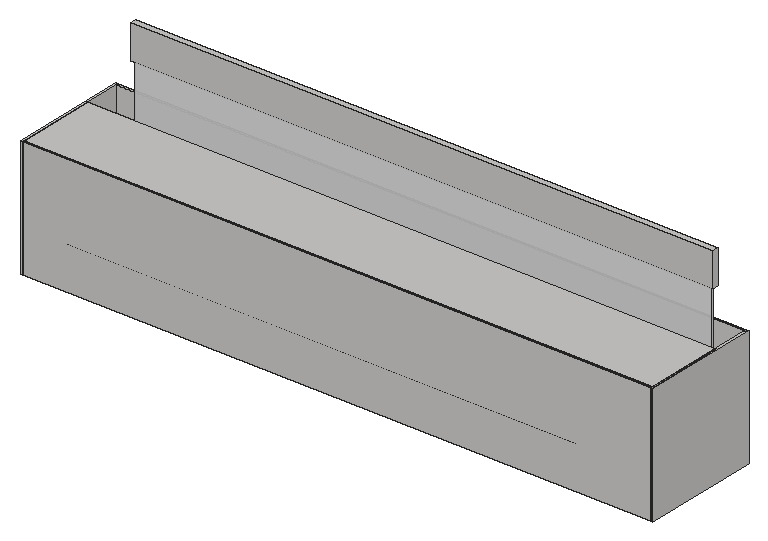
Revit family "Roller_Shades-Lutron-Pocket_Recessed-Roller_64", category Specialty Equipment, host Face, Revit 2017
Family settings
  Host = Face
  Round Connector Dimension = Use Diameter
  Part Type = Normal
  OmniClass Number = 23.30.60.14.21
  OmniClass Title = Shades
  Cut with Voids When Loaded = No
  Shared = No
  Room Calculation Point = No
Parameters (values of type "Roller 64 - Pocket Mount")
  Warranty URL = "http://www.lutron.com/en-US/Service-Support/Pages/Service/Warranty/Warranty.aspx"
  Video Link = "https://www.youtube.com/user/LutronElectronicsInc"
  Version = "2017 - v1.0b"  # constant formula
  URL = "http://www.lutron.com"
  Type Comments = ""
  Support Phone = "(224) 699-9545"  # constant formula
  Support Email = "mailto: support@anguleris.com"
  Shade Width [instance] = 1' - 6"
  Shade Size Available [instance] = if(Actual Shade Height < Shade Height, "No, height exceeds 5:1 ratio limit, use larger roller", if(Shade Area < Maximum Shade Area, "Yes", "Shade Size Unavailable"))  # "Yes"
  Shade Material = Fabric - Lutron - Linen - White
  Shade Height [instance] = 0' - 5 1/2"
  Shade Area [instance] = Shade Width * Actual Shade Height  # 0.6875 SF
  Series = "Sivoia QS"
  Right Drive [instance] = no
  Product Page URL = "http://www.lutron.com/en-US/Products/Pages/ShadingSystems/SivoiaQS/WindowTreatments/RollerShades/RollerShades.aspx"
  Product Name = "Roller 64 - Motorized Roller Shade - Pocket Mount"
  Product Documentation Link = "http://www.lutron.com/TechnicalDocumentLibrary/086102%20a.pdf"
  Performance URL = "http://www.lutron.com/en-US/Service-Support/Pages/Technical/PerfomanceSpecs.aspx"
  Overall Width [instance] = if(Shade Width < 1' 6 1/2", 1' 6 1/2", if(Shade Width > 8' 0", 8' 0", Shade Width))  # 1' - 6 1/2"
  Overall Height [instance] = if([3D Shade Visibility], Shade Height, 0' 5 1/2")  # 0' - 5 1/2"
  Overall Depth = 0' - 3 1/2"
  Mounting = "Pocket"
  Model = "Roller 64"
  Maximum Shade Area = 64.00 SF  # constant formula
  Manufacturer Phone Number = "610-282-3800"  # constant formula
  Manufacturer Fax Number = "610-282-1243"  # constant formula
  Manufacturer Email = "mailto:support@lutron.com"
  Manufacturer Address = "7200 Suter Rd, Coopersburg, PA 18036"  # constant formula
  Manufacturer = "Lutron Electronics Co., Inc"  # constant formula
  Lineal Requirements [instance] = ""
  Left Drive [instance] = no
  Keynote = ""
  Instruction Sheet Link = "http://www.lutron.com/TechnicalDocumentLibrary/045-183%20R64%20Pocket%20Chassis%2011X17%2004_02.pdf"
  Host Void Visibility [instance] = yes
  Host Void Depth [instance] = if(Host Void Visibility, 0' 3 1/2", 0' 3")  # 0' - 3 1/2"
  Fabric Roll Detail = "Standard"
  Fabric Options [instance] = ""
  Fabric Collection [instance] = ""
  Description = "Motorized Roller Shade"
  Default Elevation = 0' - 0"
  Cost Info = "mailto:sales@lutron.com"
  Cost = 0
  Copyright = "© 2019 Lutron Electronics Co., Inc."  # constant formula
  Control Technology [instance] = ""
  Bottom Bar [instance] = ""
  Assembly Code = "E2010320"
  Actual Shade Height [instance] = if(Shade Height > Shade Width * 5, Shade Width * 5, Shade Height)  # 0' - 5 1/2"
  3D Shade Visibility [instance] = no
Reference planes (in)
  plane 1 "Center (Front/Back)": y = 0
  plane 2: z = 0
  plane 3 "Center (Left/Right)": x = 0
  plane 4: z = -3.5
  plane 5: z = 2
  plane 6: z = 1
  plane 7: z = -1.6735
  plane 8: y = -1.75
  plane 9: y = 1.75
  plane 10: x = -8.5
  plane 11: x = -9.25
  plane 12: x = 8.5
  plane 13: x = 9.25
  plane 14: z = 0
Forms (in)
  Extrusion 1, solid, material "Fabric - Lutron - Linen - White" <- "Shade Material"
    sketch origin (0, 0, -3.4375) x (0, 1, 0) y (0, 0, 1)
      loop
        circle (0, 1.764) r 1.5
    from -8.5 to 8.5
  Extrusion 2, solid, material "Metal - Lutron"
    sketch origin (0, -1.764, -1.6735) x (0, 0, -1) y (0, -1, 0)
      loop
        arc (-0.91904, -2.61127) -> (0, -3.014) -> (0.91904, -2.61127) r 1.25
        line (0.91904, -2.61127) -> (0.91904, -0.91673)
        arc (0.91904, -0.91673) -> (0, -0.514) -> (-0.91904, -0.91673) r 1.25
        line (-0.91904, -0.91673) -> (-0.91904, -2.61127)
    from 8.5 to 8.75
  Extrusion 3, solid, material "Metal - Lutron"
    sketch origin (0, 0, -3.4375) x (0, 1, 0) y (0, 0, 1)
      loop
        line (0.84727, 2.68304) -> (-0.84727, 2.68304)
        arc (-0.84727, 2.68304) -> (-1.25, 1.764) -> (-0.84727, 0.84496) r 1.25
        line (-0.84727, 0.84496) -> (0.84727, 0.84496)
        arc (0.84727, 0.84496) -> (1.25, 1.764) -> (0.84727, 2.68304) r 1.25
    from 8.5 to 8.75
  Extrusion 4, solid, material "Metal - Lutron", detail levels medium+fine
    sketch origin (0, 0, -3.4375) x (1, 0, 0) y (0, 1, 0)
      loop
        line (9.25, 0.975) -> (8.25, 0.975) -> (8.25, -0.975) -> (9.25, -0.975) -> (9.25, 0.975)
      loop
        line (-9.25, 0.975) -> (-9.25, -0.975) -> (-8.25, -0.975) -> (-8.25, 0.975) -> (-9.25, 0.975)
    from 0 to 0.06
  Extrusion 5, solid, material "Metal - Lutron", detail levels medium+fine
    sketch origin (9.25, 60, 44.5625) x (0, 1, 0) y (0, 0, -1)
      loop
        line (-60.975, 48) -> (-60.975, 47.15504)
        arc (-60.975, 47.15504) -> (-60.81624, 46.49803) -> (-60.375, 45.986) r 1.43887
        line (-60.375, 45.986) -> (-60.375, 45.83594) -> (-59.625, 45.83594) -> (-59.625, 45.986)
        arc (-59.625, 45.986) -> (-59.18376, 46.49803) -> (-59.025, 47.15504) r 1.43887
        line (-59.025, 47.15504) -> (-59.025, 48) -> (-60.975, 48)
    from 0 to 0.05859
  Extrusion 6, solid, material "Metal - Lutron", detail levels medium+fine
    sketch origin (-9.25, 60, 44.5625) x (0, 1, 0) y (0, 0, 1)
      loop
        line (-60.975, -48) -> (-59.025, -48) -> (-59.025, -47.15504)
        arc (-59.025, -47.15504) -> (-59.18376, -46.49803) -> (-59.625, -45.986) r 1.43887
        line (-59.625, -45.986) -> (-59.625, -45.83594) -> (-60.375, -45.83594) -> (-60.375, -45.986)
        arc (-60.375, -45.986) -> (-60.81624, -46.49803) -> (-60.975, -47.15504) r 1.43887
        line (-60.975, -47.15504) -> (-60.975, -48)
    from 0 to 0.05859
  Extrusion 7, solid, material "Metal - Lutron", detail levels medium+fine
    sketch origin (0, 0, -3.4375) x (0, 1, 0) y (0, 0, 1)
      loop
        line (-0.5, 2.264) -> (-0.5, 1.264) -> (0.5, 1.264) -> (0.5, 2.264) -> (-0.5, 2.264)
    from 8.75 to 9.19141
  Extrusion 8, solid, material "Metal - Lutron", detail levels medium+fine
    sketch origin (0, 0, -3.4375) x (0, 1, 0) y (0, 0, -1)
      loop
        line (-0.5, -2.264) -> (0.5, -2.264) -> (0.5, -1.264) -> (-0.5, -1.264) -> (-0.5, -2.264)
    from 8.75 to 9.19141
  Extrusion 9, solid, material "Fabric - Lutron - Linen - White" <- "Shade Material"
    sketch origin (0, 1.4375, -1.6735) x (1, 0, 0) y (0, 0, -1)
      loop
        line (-8.5, 0) -> (-8.5, -2.6735) -> (8.5, -2.6735) -> (8.5, 0) -> (-8.5, 0)
    from 0 to 0.0625
  Extrusion 10, solid, material "Metal - Lutron", detail levels medium+fine
    sketch origin (0, -1.764, -1.6735) x (0, 0, -1) y (0, 1, 0)
      loop
        line (-2.6735, 3.3265) -> (-3.6735, 3.3265) -> (-3.6735, 3.139) -> (-2.6735, 3.139) -> (-2.6735, 3.3265)
    from -8.5625 to 8.5625
  Extrusion 11, solid, material "Metal - Lutron"
    sketch origin (0, 0, 0) x (0, 1, 0) y (0, 0, 1)
      loop
        line (1.75, -3.5) -> (1.75, 0) -> (1.6875, 0) -> (1.6875, -3.4375) -> (-1.6875, -3.4375) -> (-1.6875, 0) -> (-1.75, 0) -> (-1.75, -3.5) -> (1.75, -3.5)
    from -9.25 to 9.25
  Extrusion 12, solid, material "Metal - Lutron"
    sketch origin (0, 0, 0) x (1, 0, 0) y (0, 1, 0)
      loop
        line (9.25, -1.75) -> (9.3125, -1.75) -> (9.3125, 1.75) -> (9.25, 1.75) -> (9.25, -1.75)
      loop
        line (-9.25, -1.75) -> (-9.25, 1.75) -> (-9.3125, 1.75) -> (-9.3125, -1.75) -> (-9.25, -1.75)
    from -3.5 to 0
  Extrusion 13, solid, material "Metal - Lutron"
    sketch origin (0, 0, 0) x (0, 1, 0) y (0, 0, 1)
      loop
        line (-1.6875, 0) -> (-1.6875, -0.0625) -> (0.625, -0.0625) -> (0.625, 0) -> (-1.6875, 0)
    from -9.25 to 9.25
  Extrusion 14, void
    sketch origin (0, 0, 0) x (0, 1, 0) y (0, 0, 1)
      loop
        line (-1.75, 0) -> (-1.75, -3.5) -> (1.75, -3.5) -> (1.75, 0) -> (-1.75, 0)
    from -9.25 to 9.25
Cuts and joins
  joined: Extrusion 1, Extrusion 9
Lines and regions (in)
  Masking region 1
    outline origin (0, 0, 0) x (1, 0, 0) y (0, 1, 0)
      loop
        line (-9.25, 1.75) -> (-9.25, -1.75) -> (9.25, -1.75) -> (9.25, 1.75) -> (-9.25, 1.75)
  symbolic lines
    curve 1: line (-8.5, 1, 0) -> (8.5, 1, 0)
Dimensions and locks (in)
  Extrusion 4 sketch curve to plane 1 "Center (Front/Back)" to Extrusion 4 sketch curve = 0' - 0.975" locked, 0' - 0.975" locked  (x2)
  Extrusion 5 sketch curve to Extrusion 5 sketch curve to plane 1 "Center (Front/Back)" = 0' - 0.6" locked, 0' - 0 3/8" locked
  Extrusion 5 sketch curve to Extrusion 5 sketch curve to plane 4 = 0' - 1.3191" locked, 0' - 0.90746" locked
  locked: Extrusion 5 sketch curve to plane 4 at 0.90746
  Extrusion 6 sketch curve to Extrusion 6 sketch curve to plane 1 "Center (Front/Back)" = 0' - 0.6" locked, 0' - 0 3/8" locked
  Extrusion 6 sketch curve to Extrusion 6 sketch curve to plane 4 = 0' - 1.3191" locked, 0' - 0.90746" locked
  locked: Extrusion 6 sketch curve to plane 4 at 0.90746
  locked: Extrusion 8 sketch curve to plane 1 "Center (Front/Back)" at 0.5
  locked: plane 7 to Extrusion 8 sketch curve at 0.5
  locked: plane 7 to Extrusion 2 sketch curve at 0.91904
  locked: Extrusion 2 sketch curve to plane 1 "Center (Front/Back)" at 0.84727  (x2)
  locked: Extrusion 7 sketch curve to plane 1 "Center (Front/Back)" at 0.5
  locked: plane 7 to Extrusion 7 sketch curve at 0.5
  locked: Extrusion 3 sketch curve to plane 1 "Center (Front/Back)" at 0.84727  (x2)
  locked: Extrusion 3 sketch curve to plane 7 at 0.91904
  equal spacing: plane 11, plane 3 "Center (Left/Right)", plane 13
  "Overall Width": plane 11 to plane 13
  locked: plane 11 to plane 10 at 0.75
  locked: plane 12 to plane 13 at 0.75
  equal spacing: plane 8, plane 1 "Center (Front/Back)", plane 9
  "Overall Depth": plane 9 to plane 8
  locked: plane 13 to Extrusion 12 sketch curve at 0.0625
  locked: Extrusion 12 sketch curve to plane 11 at 0.0625
  locked: Extrusion 11 sketch curve to plane 9 at 0.0625
  locked: plane 8 to Extrusion 11 sketch curve at 0.0625
  locked: Extrusion 11 sketch curve to plane 4 at 0.0625
  plane 8 to Extrusion 13 sketch curve to Extrusion 13 sketch curve = 0' - 0 1/16" locked, 0' - 2 5/16" locked
  locked: plane 2 to Extrusion 13 sketch curve at 0.0625
  locked: Extrusion 2 to plane 10 at 0.25
  locked: plane 11 to Extrusion 2 at 0.5
  locked: Extrusion 3 to plane 12 at 0.25
  locked: plane 13 to Extrusion 3 at 0.5
  locked: Extrusion 10 to plane 10 at 0.0625
  locked: plane 11 to Extrusion 10 at 0.6875
  locked: Extrusion 10 to plane 12 at 0.0625
  locked: plane 13 to Extrusion 10 at 0.6875
  locked: Extrusion 9 to plane 9 at 0.25
  locked: plane 1 "Center (Front/Back)" to Extrusion 9 at 1.4375
  locked: Extrusion 9 to Extrusion 9 at 0.0625
  locked: plane 1 "Center (Front/Back)" to Extrusion 1 sketch curve at 0
  locked: plane 7 to Extrusion 1 sketch curve at 0
  Extrusion 10 sketch curve to Extrusion 10 sketch curve to plane 9 = 0' - 0 3/16" locked, 0' - 0 3/16" locked
  locked: Extrusion 4 to plane 4 at 0.1225
  locked: plane 7 to Extrusion 4 at 1.704
  locked: Extrusion 4 sketch curve to plane 12 at 0.25
  locked: plane 10 to Extrusion 4 sketch curve at 0.25
  locked: plane 2 to plane 4 at 3.5
  "Overall Height": plane 5 to plane 4
  locked: plane 5 to plane 6 at 1
  locked: plane 7 to plane 4 at 1.8265
  Masking region 1 sketch curve to plane 1 "Center (Front/Back)" to Masking region 1 sketch curve = 0' - 1 3/4" locked, 0' - 1 3/4" locked
  locked: plane 11 to Extrusion 6 at 0.05859
  locked: Extrusion 6 to plane 10 at 0.69141
  locked: Extrusion 5 to plane 13 at 0.05859
  locked: plane 12 to Extrusion 5 at 0.69141
  "Host Void Depth": plane 14 to plane 4
  locked: plane 1 "Center (Front/Back)" to curve 1 at 1
  plane 10 to curve 1 = 0' - 0"
  curve 1 to plane 12 = 0' - 0"
  locked: Extrusion 5 sketch curve to plane 4 at 0.0625
  locked: Extrusion 6 sketch curve to plane 4 at 0.0625
  plane 1 "Center (Front/Back)" to Extrusion 6 sketch curve to Extrusion 6 sketch curve = 0' - 0 3/8" locked, 0' - 0.6" locked
  locked: Extrusion 6 sketch curve to plane 4 at 2.0765  (x2)
  locked: Extrusion 5 sketch curve to plane 4 at 2.0765  (x2)
  plane 1 "Center (Front/Back)" to Extrusion 5 sketch curve to Extrusion 5 sketch curve = 0' - 0 3/8" locked, 0' - 0.6" locked
  Extrusion 5 to plane 1 "Center (Front/Back)" to Extrusion 5 = 0' - 0.975" locked, 0' - 0.975" locked
  Extrusion 6 to plane 1 "Center (Front/Back)" to Extrusion 6 = 0' - 0.975" locked, 0' - 0.975" locked
  locked: Extrusion 8 sketch curve to plane 7 at 0.5
  locked: plane 1 "Center (Front/Back)" to Extrusion 8 sketch curve at 0.5
  locked: plane 1 "Center (Front/Back)" to Extrusion 2 sketch curve at 0.84727  (x2)
  locked: Extrusion 2 sketch curve to plane 7 at 0.91904
  locked: plane 1 "Center (Front/Back)" to Extrusion 7 sketch curve at 0.5
  locked: Extrusion 7 sketch curve to plane 7 at 0.5
  locked: plane 1 "Center (Front/Back)" to Extrusion 3 sketch curve at 0.84727  (x2)
  locked: plane 7 to Extrusion 3 sketch curve at 0.91904
  radius of Extrusion 1 sketch curve = 0' - 1 1/2"
  radius of Extrusion 5 sketch curve = 0' - 1.43887"  (x2)
  radius of Extrusion 6 sketch curve = 0' - 1.43887"  (x2)
  radius of Extrusion 2 sketch curve = 0' - 1 1/4"  (x2)
  radius of Extrusion 3 sketch curve = 0' - 1 1/4"  (x2)
  aligned and locked: plane 2 to host face
  aligned and locked: level to host face
  aligned and locked: Extrusion 8 to Extrusion 2
  aligned and locked: Extrusion 7 to Extrusion 3
  aligned and locked: Extrusion 12 to plane 11
  aligned and locked: Extrusion 12 to plane 13
  aligned and locked: plane 13 to Extrusion 11
  aligned and locked: plane 11 to Extrusion 11
  aligned and locked: Extrusion 12 sketch curve to plane 11
  aligned and locked: plane 9 to Extrusion 12 sketch curve
  aligned and locked: plane 8 to Extrusion 12 sketch curve
  aligned and locked: plane 13 to Extrusion 12 sketch curve
  aligned and locked: Extrusion 12 sketch curve to plane 8
  aligned and locked: Extrusion 12 sketch curve to plane 9
  aligned and locked: Extrusion 12 to plane 4
  aligned and locked: plane 2 to Extrusion 12
  aligned and locked: plane 4 to Extrusion 11 sketch curve
  aligned and locked: Extrusion 11 sketch curve to plane 8
  aligned and locked: plane 9 to Extrusion 11 sketch curve
  aligned and locked: Extrusion 13 sketch curve to plane 2
  aligned and locked: plane 13 to Extrusion 13
  aligned and locked: plane 11 to Extrusion 13
  aligned and locked: Extrusion 2 to plane 10
  aligned and locked: plane 10 to Extrusion 1
  aligned and locked: plane 12 to Extrusion 9
  aligned and locked: Extrusion 3 to plane 12
  aligned and locked: plane 12 to Extrusion 1
  aligned and locked: plane 12 to Extrusion 9 sketch curve
  aligned and locked: plane 6 to Extrusion 9 sketch curve
  aligned and locked: Extrusion 9 sketch curve to plane 7
  aligned and locked: plane 10 to Extrusion 9 sketch curve
  aligned and locked: plane 5 to Extrusion 10 sketch curve
  aligned and locked: Extrusion 10 sketch curve to plane 6
  aligned and locked: Extrusion 4 to Extrusion 11
  aligned and locked: plane 13 to Extrusion 4 sketch curve
  aligned and locked: Extrusion 4 sketch curve to plane 11
  aligned and locked: plane 13 to Masking region 1 sketch curve
  aligned and locked: plane 11 to Masking region 1 sketch curve
  aligned and locked: plane 13 to Extrusion 5
  aligned and locked: plane 11 to Extrusion 6
  aligned and locked: Extrusion 7 to Extrusion 5
  aligned and locked: Extrusion 8 to Extrusion 6
  aligned and locked: Extrusion 14 sketch curve to plane 14
  aligned and locked: plane 4 to Extrusion 14 sketch curve
  aligned and locked: Extrusion 14 sketch curve to plane 9
  aligned and locked: Extrusion 14 sketch curve to plane 8
  aligned and locked: plane 11 to Extrusion 14
  aligned and locked: plane 13 to Extrusion 14
  aligned and locked: Extrusion 11 sketch curve to plane 14  (x2)
Automatic sketch dimensions
  host sketch curve to host sketch curve = 8' - 0"  (x2)
Connectors (in)
  electrical at (9.3125, 0, -1.75)
    settings: on Extrusion 12, index 1, voltage 0 V, apparent load 0 VA, apparent load phase1 0 VA, apparent load phase2 0 VA, apparent load phase3 0 VA, power factor 1, load classification "Other", number of poles 1, system type 13, power factor state 1, is connector primary yes, connector utility no, sub classification motor no, connector description "Control Connection"
